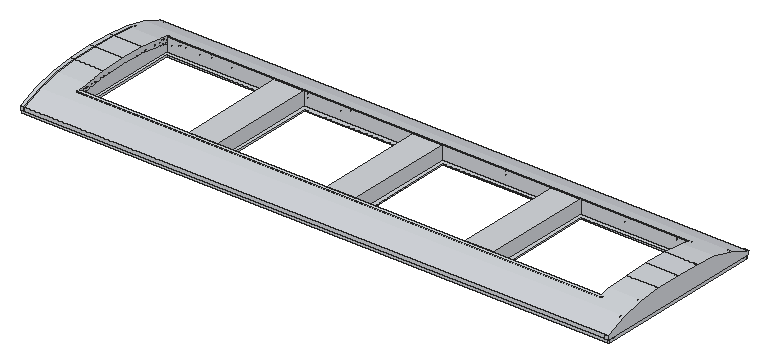
Revit family "Gira_021485", category Electrical Fixtures, host Face, Revit 2017
Family settings
  Host = Face
  Maintain Annotation Orientation = No
  Round Connector Dimension = Use Diameter
  Part Type = Normal
  Cut with Voids When Loaded = No
  Shared = No
  Room Calculation Point = No
Parameters (values of type "Cov.fr. 4-g interm.fr. AN Gira Event Opaque mint")
  With mounting grid = "No"
  With hinged lid = "No"
  URL = "http://katalog.gira.de/en/datenblatt.html?artikelnr=021485"
  Type of fastening = "Clamp mounting"
  Transparent = "No"
  Surface protection = "Other"
  Suitable for wall duct = "No"
  Suitable for flush-mounted installation = "Yes"
  Suitable for floor box = "No"
  Suitable for built-in installation = "No"
  Number of units vertical = "4"
  Number of units horizontal = "4"
  Number of units = "4"
  Name = "Cov.fr. 4-g interm.fr. AN Gira Event Opaque mint"
  Mounting direction = "Horizontal and vertical"
  Material quality = "Thermoplastic"
  Material = "Plastic"
  Manufacturer URL = "https://www.gira.de/"
  Manufacturer = "Gira"
  Label space/information surface = "No"
  Keynote = ""
  HeinzeBIM = "https://bimportal.heinze.de/bim/cov-fr-4-g-interm-fr-an-gira-event-opaque-mint/b6713e449e33ed0675d05cb9e82219e77e964691"
  Halogen free = "Yes"
  HAN = "021485"
  GTIN = "4010337214854"
  Description = "Cov.fr.4g i.fr.AN EvOp MI,Gira Event Opaque frames,mint with anthracite intermediate frame,4-gang,Features:,- Shatter-proof."
  Degree of protection (IP) = "IP20"
  Default Elevation = 1219.2 mm
  Data sheet (1) = "https://katalog.gira.de/en/download.html?artikelnr=021485"
  Colour = "Green"
  Category = "Cover frame for domestic switching devices"
  BIM (1) = "https://media.stage.bim.site/public/gira/36a6b08/Event_Rahmen_4fach.rfa"
  Available = "No"
Reference planes
  plane 1 "Center (Front/Back)": y = 0
  plane 2: z = 0
  plane 3 "Center (Left/Right)": x = 0
Forms (mm)
  Extrusion 1, solid, detail levels fine
    sketch origin (0, 0, 0.05) x (0, 1, 0) y (0, 0, 1)
      loop
        arc (12.445, 9.683) -> (6.223, 9.833) -> (0, 9.85) r 291.636
        arc (0, 9.85) -> (-6.223, 9.833) -> (-12.445, 9.683) r 291.636
        arc (-12.445, 9.683) -> (-29.14, 7.482) -> (-45, 1.823) r 79.728
        line (-45, 1.823) -> (-45, -0.05) -> (-42.086, -0.05)
        arc (-42.086, -0.05) -> (-21.385, 5.559) -> (0, 7.206) r 114.424
        arc (0, 7.206) -> (21.385, 5.559) -> (42.086, -0.05) r 114.424
        line (42.086, -0.05) -> (45, -0.05) -> (45, 1.823)
        arc (45, 1.823) -> (29.14, 7.482) -> (12.445, 9.683) r 79.728
    from -151.95 to 151.935
  Extrusion 2, void, detail levels fine
    sketch origin (0, 0, 0) x (1, 0, 0) y (0, 1, 0)
      loop
        line (134.95, 28.035) -> (-134.95, 28.035) -> (-134.95, -28.035) -> (134.95, -28.035) -> (134.95, 28.035)
    from 0.724 to 11
  Extrusion 3, solid, detail levels coarse
    sketch origin (0, 0, 0) x (1, 0, 0) y (0, 1, 0)
      loop
        line (-151.95, 45) -> (-151.95, -45) -> (151.935, -45) -> (151.935, 45) -> (-151.95, 45)
    from -1.5 to 9.9
  Extrusion 4, solid, detail levels medium
    sketch origin (0, 0, 0.05) x (0, 1, 0) y (0, 0, 1)
      loop
        arc (12.445, 9.683) -> (6.223, 9.833) -> (0, 9.85) r 291.636
        arc (0, 9.85) -> (-6.223, 9.833) -> (-12.445, 9.683) r 291.636
        arc (-12.445, 9.683) -> (-29.14, 7.482) -> (-45, 1.823) r 79.728
        line (-45, 1.823) -> (-45, -0.05) -> (45, -0.05) -> (45, 1.823)
        arc (45, 1.823) -> (29.14, 7.482) -> (12.445, 9.683) r 79.728
    from -151.95 to 151.935
  Extrusion 5, solid, detail levels fine
    sketch origin (-106.95, 0, -1.5) x (0, 1, 0) y (0, 0, -1)
      loop
        line (45, -3.373) -> (45, -1.5) -> (-45, -1.5) -> (-45, -3.373)
        arc (-45, -3.373) -> (-29.14, -9.032) -> (-12.445, -11.233) r 79.728
        arc (-12.445, -11.233) -> (-6.223, -11.383) -> (0, -11.4) r 291.636
        arc (0, -11.4) -> (6.223, -11.383) -> (12.445, -11.233) r 291.636
        arc (12.445, -11.233) -> (29.14, -9.032) -> (45, -3.373) r 79.728
    from 43 to 45
  Extrusion 6, solid, detail levels fine
    sketch origin (0, 0, 0) x (1, 0, 0) y (0, 1, 0)
      loop
        line (-132.85, 25.7) -> (-132.85, -25.7) -> (-81.05, -25.7) -> (-81.05, 25.7) -> (-132.85, 25.7)
      loop
        line (-9.755, -25.7) -> (-9.755, 25.7) -> (-61.555, 25.7) -> (-61.555, -25.7) -> (-9.755, -25.7)
      loop
        line (-135.845, 28.49) -> (-135.845, -28.495)
        spline (-135.845, -28.495) -> (-135.836, -28.625) -> (-135.811, -28.754) -> (-135.769, -28.878) -> (-135.711, -28.995) -> (-135.638, -29.104) -> (-135.552, -29.202) -> (-135.454, -29.288) -> (-135.345, -29.361) -> (-135.228, -29.419) -> (-135.104, -29.461) -> (-134.975, -29.486) -> (-134.845, -29.495)
        line (-134.845, -29.495) -> (134.845, -29.495)
        spline (134.845, -29.495) -> (134.975, -29.486) -> (135.104, -29.461) -> (135.228, -29.419) -> (135.345, -29.361) -> (135.454, -29.288) -> (135.552, -29.202) -> (135.638, -29.104) -> (135.711, -28.995) -> (135.769, -28.878) -> (135.811, -28.754) -> (135.836, -28.625) -> (135.845, -28.495)
        line (135.845, -28.495) -> (135.845, 28.49)
        spline (135.845, 28.49) -> (135.836, 28.62) -> (135.811, 28.748) -> (135.769, 28.872) -> (135.711, 28.99) -> (135.638, 29.098) -> (135.552, 29.197) -> (135.454, 29.283) -> (135.345, 29.356) -> (135.228, 29.413) -> (135.104, 29.456) -> (134.975, 29.481) -> (134.845, 29.49)
        line (134.845, 29.49) -> (-134.845, 29.49)
        spline (-134.845, 29.49) -> (-134.975, 29.481) -> (-135.104, 29.456) -> (-135.228, 29.413) -> (-135.345, 29.356) -> (-135.454, 29.283) -> (-135.552, 29.197) -> (-135.638, 29.098) -> (-135.711, 28.99) -> (-135.769, 28.872) -> (-135.811, 28.748) -> (-135.836, 28.62) -> (-135.845, 28.49)
      loop
        line (61.545, -25.7) -> (61.545, 25.7) -> (9.745, 25.7) -> (9.745, -25.7) -> (61.545, -25.7)
      loop
        line (132.85, -25.7) -> (132.85, 25.7) -> (81.05, 25.7) -> (81.05, -25.7) -> (132.85, -25.7)
    from 0.1 to 7.3
  Extrusion 7, solid
    sketch origin (0, 0, 0) x (1, 0, 0) y (0, 1, 0)
      loop
        arc (-151.65, -44.218) -> (-151.504, -44.572) -> (-151.15, -44.718) r 0.5
        line (-151.15, -44.718) -> (151.15, -44.718)
        arc (151.15, -44.718) -> (151.504, -44.572) -> (151.65, -44.218) r 0.5
        line (151.65, -44.218) -> (151.65, 44.182)
        arc (151.65, 44.182) -> (151.504, 44.535) -> (151.15, 44.682) r 0.5
        line (151.15, 44.682) -> (-151.15, 44.682)
        arc (-151.15, 44.682) -> (-151.504, 44.535) -> (-151.65, 44.182) r 0.5
        line (-151.65, 44.182) -> (-151.65, -44.218)
      loop
        line (-149.95, 42.982) -> (-149.95, -43.018) -> (149.95, -43.018) -> (149.95, 42.982) -> (-149.95, 42.982)
    from -1.5 to 0.5
  Extrusion 8, solid, detail levels fine
    sketch origin (106.935, 0, -1.5) x (0, 1, 0) y (0, 0, 1)
      loop
        arc (45, 3.373) -> (29.14, 9.032) -> (12.445, 11.233) r 79.728
        arc (12.445, 11.233) -> (6.223, 11.383) -> (0, 11.4) r 291.636
        arc (0, 11.4) -> (-6.223, 11.383) -> (-12.445, 11.233) r 291.636
        arc (-12.445, 11.233) -> (-29.14, 9.032) -> (-45, 3.373) r 79.728
        line (-45, 3.373) -> (-45, 1.5) -> (45, 1.5) -> (45, 3.373)
    from 43 to 45
  Extrusion 9, solid, detail levels medium
    sketch origin (0, 0, 0) x (1, 0, 0) y (0, 1, 0)
      loop
        line (-151.65, -44.718) -> (151.65, -44.718) -> (151.65, 44.682) -> (-151.65, 44.682) -> (-151.65, -44.718)
    from -1.5 to 0.5
  Extrusion 10, solid, detail levels fine
    sketch origin (-69.857, 0, 0) x (1, 0, 0) y (0, 1, 0)
      loop
        line (-8.943, 28.063) -> (-8.943, -27.937) -> (6.057, -27.937) -> (6.057, 28.063) -> (-8.943, 28.063)
    from 0.724 to 7.566
  Extrusion 11, solid, detail levels fine
    sketch origin (-1.443, 0, 0) x (-1, 0, 0) y (0, -1, 0)
      loop
        line (-8.943, -28.063) -> (6.057, -28.063) -> (6.057, 27.937) -> (-8.943, 27.937) -> (-8.943, -28.063)
    from 0.724 to 7.566
  Extrusion 12, solid, detail levels fine
    sketch origin (69.857, 0, 0) x (-1, 0, 0) y (0, -1, 0)
      loop
        line (-8.943, -28.063) -> (6.057, -28.063) -> (6.057, 27.937) -> (-8.943, 27.937) -> (-8.943, -28.063)
    from 0.724 to 7.566
Cuts and joins
  Extrusion 2 cuts Extrusion 1
  Extrusion 2 cuts Extrusion 6
Dimensions and locks
  aligned and locked: plane 2 to host face
  aligned and locked: level to host face
